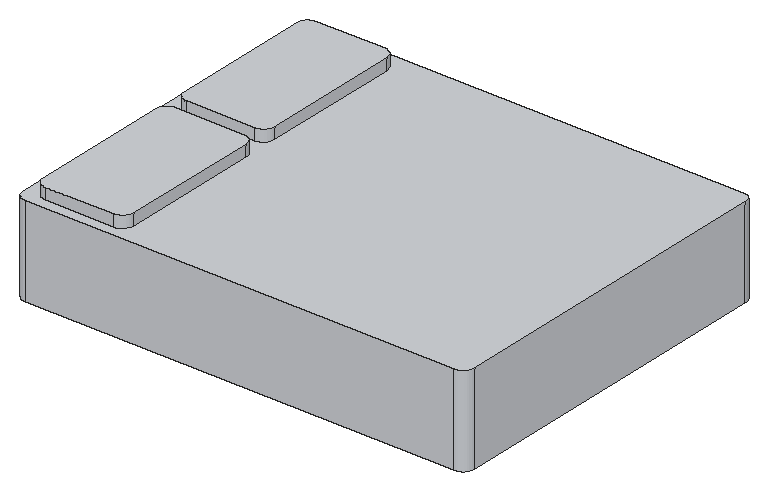
Revit family "Bed", category Furniture, Revit 2026
Family settings
  Classification Number = 23.40.20.00
  Work Plane-Based = Yes
  Enable Cutting in Views = No
  Always vertical = Yes
  Cut with Voids When Loaded = No
  Render Appearance Source = Family Geometry
  Shared = No
  Room Calculation Point = No
Parameters (values of type "1600x2000mm")
  Single bed = no
  Pillow materiale = none
  Double bed = yes
  Distance from wall = 50 mm
  Default Elevation = 0 mm
  Creator Build [instance] = "2023.0405.0"  # constant formula
  Corner rounding = 50 mm
  Bed width = 1600 mm
  Bed materiale = none
  Bed length = 2000 mm
Types (5, lengths in mm): name | Single bed | Double bed | Bed width
  900x2000mm | yes | no | 900
  1600x2000mm | no | yes | 1600
  1800x2000mm | no | yes | 2000
  800x2000mm | yes | no | 800
  1400x2000mm | no | yes | 1400
Reference planes
  plane 1 "Center (Front/Back)": y = 0
  plane 2: z = 0
  plane 3 "Center (Left/Right)": x = 0
  plane 4: y = 800
  plane 5: y = -800
  plane 6 "Top bed": z = 400
  plane 7: x = 50
  plane 8 "Bed length": x = 2050
Forms (mm)
  Extrusion 1, solid, material <- "Bed materiale"
    sketch origin (0, 0, 0) x (1, 0, 0) y (0, 1, 0)
      loop
        arc (100, 800) -> (64.645, 785.355) -> (50, 750) r 50
        line (50, 750) -> (50, -750)
        arc (50, -750) -> (64.645, -785.355) -> (100, -800) r 50
        line (100, -800) -> (2000, -800)
        arc (2000, -800) -> (2035.355, -785.355) -> (2050, -750) r 50
        line (2050, -750) -> (2050, 750)
        arc (2050, 750) -> (2035.355, 785.355) -> (2000, 800) r 50
        line (2000, 800) -> (100, 800)
    from 0 to 400
  Extrusion 2, solid, material <- "Pillow materiale", visible <- "Double bed"
    sketch origin (0, 0, 400) x (-1, 0, 0) y (0, -1, 0)
      loop
        line (-150, 750) -> (-450, 750)
        arc (-450, 750) -> (-485.355, 735.355) -> (-500, 700) r 50
        line (-500, 700) -> (-500, 80)
        arc (-500, 80) -> (-485.355, 44.645) -> (-450, 30) r 50
        line (-450, 30) -> (-150, 30)
        arc (-150, 30) -> (-114.645, 44.645) -> (-100, 80) r 50
        line (-100, 80) -> (-100, 700)
        arc (-100, 700) -> (-114.645, 735.355) -> (-150, 750) r 50
      loop
        arc (-150, -750) -> (-114.645, -735.355) -> (-100, -700) r 50
        line (-100, -700) -> (-100, -80)
        arc (-100, -80) -> (-114.645, -44.645) -> (-150, -30) r 50
        line (-150, -30) -> (-450, -30)
        arc (-450, -30) -> (-485.355, -44.645) -> (-500, -80) r 50
        line (-500, -80) -> (-500, -700)
        arc (-500, -700) -> (-485.355, -735.355) -> (-450, -750) r 50
        line (-450, -750) -> (-150, -750)
    from 0 to 50
  Extrusion 3, solid, material <- "Pillow materiale", visible <- "Single bed"
    sketch origin (0, 0, 400) x (-1, 0, 0) y (0, -1, 0)
      loop
        line (-150, 750) -> (-450, 750)
        arc (-450, 750) -> (-485.355, 735.355) -> (-500, 700) r 50
        line (-500, 700) -> (-500, -700)
        arc (-500, -700) -> (-485.355, -735.355) -> (-450, -750) r 50
        line (-450, -750) -> (-150, -750)
        arc (-150, -750) -> (-114.645, -735.355) -> (-100, -700) r 50
        line (-100, -700) -> (-100, 700)
        arc (-100, 700) -> (-114.645, 735.355) -> (-150, 750) r 50
    from 0 to 50
Dimensions and locks
  "Distance from wall": plane 3 "Center (Left/Right)" to Extrusion 1 sketch curve
  equal spacing: plane 4, plane 1 "Center (Front/Back)", plane 5
  "Bed width": plane 4 to plane 5
  "Corner rounding": plane 5 to Extrusion 2 sketch curve
  "Corner rounding": Extrusion 1 to Extrusion 2 sketch curve  (x2)
  "Corner rounding": plane 4 to Extrusion 2 sketch curve
  locked: Extrusion 3 sketch curve to Extrusion 3 sketch curve at 400
  "Corner rounding": Extrusion 1 to Extrusion 3 sketch curve
  "Corner rounding": plane 4 to Extrusion 3 sketch curve
  "Corner rounding": plane 5 to Extrusion 3 sketch curve
  locked: Extrusion 2 sketch curve to Extrusion 2 sketch curve at 400  (x2)
  equal spacing: Extrusion 2 sketch curve, plane 1 "Center (Front/Back)", Extrusion 2 sketch curve
  "Distance from wall": plane 3 "Center (Left/Right)" to plane 7
  "Bed length": plane 7 to plane 8 "Bed length"
  "Corner rounding": radius of Extrusion 1 sketch curve  (x4)
  "Corner rounding": radius of Extrusion 2 sketch curve  (x8)
  "Corner rounding": radius of Extrusion 3 sketch curve  (x4)
  aligned and locked: level to plane 2
  aligned and locked: Extrusion 1 sketch curve to plane 4
  aligned and locked: Extrusion 1 sketch curve to plane 5
  aligned and locked: plane 6 "Top bed" to Extrusion 1
  aligned and locked: plane 8 "Bed length" to Extrusion 1
Automatic sketch dimensions
  Extrusion 1 sketch curve to plane 8 "Bed length" = 0 mm
  Extrusion 2 sketch curve to plane 1 "Center (Front/Back)" = 80 mm
